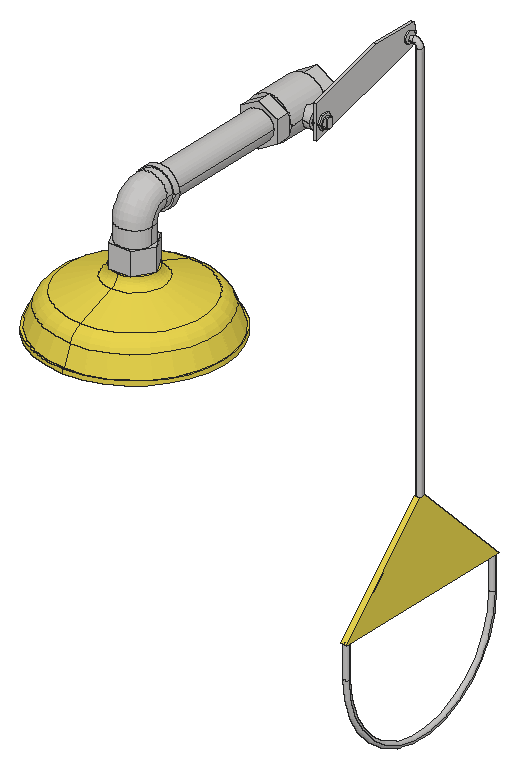
Revit family "Sanitary_Other_Encon-Safety_Horizontal-Showers-20-gpm-1.0-in-supply-ABS-Hi-Viz-Shower-head", category Plumbing Fixtures, Revit 2019
Family settings
  Round Connector Dimension = Use Diameter
  Part Type = Normal
  OmniClass Number = 23.45.05.14.24
  OmniClass Title = Eye Wash Fountains
  Work Plane-Based = No
  Always vertical = Yes
  Cut with Voids When Loaded = No
  Shared = No
  Room Calculation Point = No
Parameters (values of type "01052522")
  Width = 15.155"
  Waste Connection = 1 = 1  # yes
  WFU = 0
  Vent Connection = no
  URL = "https://enconsafety.com/"
  Supply Diameter = 1"
  Product data url = "https://www.bimobject.com/encon/product/Horizontal_showers_20_gpm_1_0_in__supply_ABS_Hi-Viz_shower_head"
  Product Guid = "13e18e50-cab1-4dbc-8df9-04fb3ec38804"
  Model = "01052522"
  Piping Material = Encon Safety Products - Metal - Steel Galvanized
  Manufacturer = "Encon Safety Products"  # constant formula
  Keynote = "15410"
  Height = 43 5/8"
  Heads Material = Encon Safety Products - Plastic - Acetal - Yellow
  HWFU = 0
  HW Connection = no
  Flow = 20 GPM
  Edition number = 1  # constant formula
  Description = "Horizontal showers 20 gpm 1.0 in. supply ABS Hi-Viz shower head"
  Depth = 0"
  CWFU = 0
  CW Connection = 1 = 1  # yes
  Assembly Code = "D2010600"
Reference planes (in)
  plane 1 "Center (Front/Back)": y = 0
  plane 2: z = 0
  plane 3 "Center (Left/Right)": x = 0
  plane 4: z = 6.5
  plane 5: z = 37.90625
  plane 6: z = 39.6563
  plane 7: z = 43.625
  plane 8 "1": z = 0.45439
Forms (in)
  Revolve 1, solid, material "Encon Safety Products - Plastic - Acetal - Yellow" <- "Heads Material"
    sketch origin (0, 0, 0) x (0, 1, 0) y (0, 0, 1)
      loop
        line (4.17276, 0) -> (4.17276, 0.1875) -> (4.08965, 0.1875) -> (3.73932, 1.05458)
        arc (3.73932, 1.05458) -> (3.5068, 1.39931) -> (3.15416, 1.61966) r 1
        line (3.15416, 1.61966) -> (1.33889, 2.28037)
        arc (1.33889, 2.28037) -> (1.09604, 2.46222) -> (1, 2.75) r 0.50843
        line (1, 2.75) -> (0, 2.75) -> (0, 2.63504) -> (0.87644, 2.63504)
        arc (0.87644, 2.63504) -> (1.0427, 2.3399) -> (1.32507, 2.15276) r 0.72369
        line (1.32507, 2.15276) -> (3.1402, 1.4921)
        arc (3.1402, 1.4921) -> (3.45368, 1.29622) -> (3.66039, 0.98977) r 0.88895
        line (3.66039, 0.98977) -> (3.98452, 0.1875) -> (3.98452, 0) -> (4.17276, 0)
      axis (0, 2.75) -> (0, 0)
    angle from 0 to 360
  Extrusion 2, solid, material "Encon Safety Products - Metal - Steel Galvanized" <- "Piping Material"
    sketch origin (0, 0, 0) x (1, 0, 0) y (0, 1, 0)
      loop
        line (0.5, 0.86603) -> (-0.5, 0.86603) -> (-1, 0) -> (-0.5, -0.86603) -> (0.5, -0.86603) -> (1, 0) -> (0.5, 0.86603)
    from 2.75058 to 3.8125
  Sweep 3, solid, material "Encon Safety Products - Metal - Steel Galvanized" <- "Piping Material"
    path origin (0, 0, 0) x (0, 1, 0) y (0, 0, 1)
      loop
        line (0, 3.8125) -> (0, 4.57594)
        arc (0, 4.57594) -> (0.24602, 5.16987) -> (0.83995, 5.41589) r 0.83995
        line (0.83995, 5.41589) -> (1.18186, 5.41589)
    profile origin (0, 0, 3.8125) x (0, -1, 0) y (1, 0, 0)
      loop
        circle (0, 0) r 0.81296
  Extrusion 4, solid, material "Encon Safety Products - Metal - Steel Galvanized" <- "Piping Material"
    sketch origin (0, 0, 0) x (1, 0, 0) y (0, 0, 1)
      loop
        circle (0, 5.37376) r 0.89371
    from -1.48392 to -1.18186
  Extrusion 5, solid, material "Encon Safety Products - Metal - Steel Galvanized" <- "Piping Material"
    sketch origin (0, 0, 0) x (1, 0, 0) y (0, 0, 1)
      loop
        circle (0, 5.375) r 0.66673
    from -1.48392 to -7.24
  Extrusion 6, solid, material "Encon Safety Products - Metal - Steel Galvanized" <- "Piping Material"
    sketch origin (0, 0, 0) x (1, 0, 0) y (0, 0, 1)
      loop
        line (0.86603, 5.875) -> (0, 6.375) -> (-0.86603, 5.875) -> (-0.86603, 4.875) -> (0, 4.375) -> (0.86603, 4.875) -> (0.86603, 5.875)
    from -7.865 to -7.24
  Extrusion 7, solid, material "Encon Safety Products - Metal - Steel Galvanized" <- "Piping Material"
    sketch origin (0, 0, 0) x (1, 0, 0) y (0, 0, 1)
      loop
        circle (0, 5.375) r 1
    from -9.86 to -7.865
  Extrusion 8, solid, material "Encon Safety Products - Metal - Steel Galvanized" <- "Piping Material"
    sketch origin (0, 0, 0) x (1, 0, 0) y (0, 0, 1)
      loop
        line (0.86603, 5.875) -> (0, 6.375) -> (-0.86603, 5.875) -> (-0.86603, 4.875) -> (0, 4.375) -> (0.86603, 4.875) -> (0.86603, 5.875)
    from -10.61 to -9.86
  Extrusion 9, solid, material "Encon Safety Products - Metal - Steel Galvanized" <- "Piping Material"
    sketch origin (0, 0, 0) x (0, 1, 0) y (0, 0, 1)
      loop
        line (12.07392, 7.18932) -> (8.55, 6.24509) -> (8.55, 4.69218) -> (14.09214, 6.17719) -> (14.35731, 6.63647) -> (14.20917, 7.18932) -> (12.07392, 7.18932)
    from 1.4925 to 1.6175
  Extrusion 10, solid, material "Encon Safety Products - Metal - Steel Galvanized" <- "Piping Material", detail levels fine
    sketch origin (0, 0, 0) x (0, 1, 0) y (0, 0, 1)
      loop
        arc (9.0606, 5.54725) -> (8.93602, 5.59618) -> (8.81055, 5.54961) r 0.18755
        line (8.81055, 5.54961) -> (8.81055, 5.20288)
        arc (8.81055, 5.20288) -> (8.93557, 5.15508) -> (9.0606, 5.20288) r 0.18741
        line (9.0606, 5.20288) -> (9.0606, 5.54725)
    from 1.82696 to 1.9445
  Sweep 11, solid, material "Encon Safety Products - Metal - Steel Galvanized" <- "Piping Material"
    path origin (0, 0, 0) x (1, 0, 0) y (0, 0, 1)
      loop
        line (1.23565, 6.7039) -> (1.93646, 6.7039)
        arc (1.93646, 6.7039) -> (2.11324, 6.63068) -> (2.18646, 6.4539) r 0.25
        line (2.18646, 6.4539) -> (2.18646, -12.23667)
    profile origin (1.23565, 0, 6.7039) x (0, 0, 1) y (0, -1, 0)
      loop
        arc (-0.04651, -14.00297) -> (0.1118, -13.87796) -> (-0.0465, -13.75293) r 0.12852
        arc (-0.0465, -13.75293) -> (-0.14524, -13.87795) -> (-0.04651, -14.00297) r 0.12852
  Extrusion 12, solid, material "Encon Safety Products - Plastic - ABS - Yellow"
    sketch origin (0, 0, 0) x (0, 1, 0) y (0, 0, 1)
      loop
        line (14.01247, -12.23667) -> (13.74342, -12.23667) -> (9.45505, -16.52503) -> (18.30084, -16.52503) -> (14.01247, -12.23667)
    from 2.03169 to 2.28829
  Sweep 13, solid, material "Encon Safety Products - Metal - Steel Galvanized" <- "Piping Material"
    path origin (2.15981, 0.0258, 0.02469) x (0, 1, 0) y (0, 0, 1)
      loop
        line (18.10684, -16.54972) -> (18.10684, -18.06839)
        arc (18.10684, -18.06839) -> (13.85684, -22.31839) -> (9.60684, -18.06839) r 4.25
        line (9.60684, -18.06839) -> (9.60684, -16.51913)
    profile origin (2.15981, 18.13264, -17.28436) x (1, 0, 0) y (0, 1, 0)
      loop
        circle (0, 0) r 0.12781
  Extrusion 14, solid, material "Encon Safety Products - Metal - Steel Galvanized" <- "Piping Material"
    sketch origin (0, 0, 0) x (0, 1, 0) y (0, 0, 1)
      loop
        circle (8.94206, 5.35255) r 0.44604
    from 0.86603 to 1.3675
  Extrusion 15, solid, material "Encon Safety Products - Metal - Steel Galvanized" <- "Piping Material"
    sketch origin (0, 0, 0) x (0, 1, 0) y (0, 0, 1)
      loop
        line (9.1275, 5.70842) -> (8.7425, 5.70842) -> (8.55, 5.375) -> (8.7425, 5.04158) -> (9.1275, 5.04158) -> (9.32, 5.375) -> (9.1275, 5.70842)
    from 1.3675 to 1.4925
  Extrusion 16, solid, material "Encon Safety Products - Metal - Steel Galvanized" <- "Piping Material"
    sketch origin (0, 0, 0) x (0, 1, 0) y (0, 0, 1)
      loop
        line (9.11542, 5.6875) -> (8.75458, 5.6875) -> (8.57416, 5.375) -> (8.75458, 5.0625) -> (9.11542, 5.0625) -> (9.29584, 5.375) -> (9.11542, 5.6875)
    from 1.6175 to 1.7375
  Extrusion 17, solid, material "Encon Safety Products - Metal - Steel Galvanized" <- "Piping Material", detail levels fine
    sketch origin (0, 0, 0) x (0, 1, 0) y (0, 0, 1)
      loop
        circle (8.9379, 5.37152) r 0.25896
    from 1.7375 to 1.82696
  Extrusion 18, solid, material "Encon Safety Products - Metal - Steel Galvanized" <- "Piping Material"
    sketch origin (0, 0, 0) x (0, 1, 0) y (0, 0, 1)
      loop
        circle (13.87703, 6.70649) r 0.25
    from 1.6175 to 1.7375
Cuts and joins
  joined: Extrusion 7, Extrusion 14
Lines and regions (in)
  Masking region 1, detail levels fine
    outline origin (0, 0, 0) x (1, 0, 0) y (0, 1, 0)
      loop
        line (-0.66673, 1.48392) -> (0.67222, 1.48392) -> (0.67222, 7.24) -> (-0.66673, 7.24) -> (-0.66673, 1.48392)
  Masking region 2, detail levels fine
    outline origin (0, 0, 0) x (1, 0, 0) y (0, 1, 0)
      loop
        arc (-0.66673, 4.11915) -> (-4.15933, -0.33444) -> (0, -4.17276) r 4.17276
        arc (0, -4.17276) -> (4.15911, -0.33721) -> (0.67222, 4.11825) r 4.17276
        line (0.67222, 4.11825) -> (0.67222, 1.48392) -> (-0.66673, 1.48392) -> (-0.66673, 4.11915)
  Masking region 3
    outline origin (0, 0, 0) x (1, 0, 0) y (0, 1, 0)
      loop
        line (0.82297, 0) -> (0.82297, 1.18186) -> (-0.80639, 1.18186) -> (-0.80639, 0)
        arc (-0.80639, 0) -> (0.00829, -0.81468) -> (0.82297, 0) r 0.81468
  Masking region 4, detail levels fine
    outline origin (0, 0, 0) x (1, 0, 0) y (0, 1, 0)
      loop
        line (-0.89371, 1.48392) -> (-0.89371, 1.18186) -> (0.89371, 1.18186) -> (0.89371, 1.48392) -> (-0.89371, 1.48392)
  Masking region 5, detail levels fine
    outline origin (0, 0, 0) x (1, 0, 0) y (0, 1, 0)
      loop
        line (-0.80639, 0.59139) -> (-0.80639, 0)
        arc (-0.80639, 0) -> (0.00829, -0.81468) -> (0.82297, 0) r 0.81468
        line (0.82297, 0) -> (0.82297, 0.56808)
        arc (0.82297, 0.56808) -> (-0.01454, -1.01633) -> (-0.80639, 0.59139) r 1.00606
  Masking region 6, detail levels fine
    outline origin (0, 0, 0) x (1, 0, 0) y (0, 1, 0)
      loop
        line (0.86603, 7.24) -> (0.86603, 7.865) -> (-0.86603, 7.865) -> (-0.86603, 7.24) -> (0.86603, 7.24)
      loop
        line (-0.86603, 10.61) -> (-0.86603, 9.86) -> (0.86603, 9.86) -> (0.86603, 10.61) -> (-0.86603, 10.61)
      loop
        line (1.6175, 8.07596) -> (1.6175, 14.35731) -> (1.4925, 14.35731) -> (1.4925, 8.07596) -> (1.6175, 8.07596)
  Masking region 7, detail levels fine
    outline origin (0, 0, 0) x (1, 0, 0) y (0, 1, 0)
      loop
        line (0.9999, 9.86) -> (-1.00278, 9.86) -> (-1.00278, 7.865) -> (0.99897, 7.865) -> (0.99897, 8.50689)
        arc (0.99897, 8.50689) -> (0.90705, 8.94396) -> (0.9999, 9.38083) r 1.07955
        line (0.9999, 9.38083) -> (0.9999, 9.86)
  Masking region 8, detail levels fine
    outline origin (0, 0, 0) x (1, 0, 0) y (0, 1, 0)
      loop
        line (0.99656, 8.49857) -> (1.3675, 8.49857) -> (1.3675, 9.3861) -> (1.00079, 9.3861)
        arc (1.00079, 9.3861) -> (0.90704, 8.94277) -> (0.99656, 8.49857) r 1.12039
  Masking region 9, detail levels fine
    outline origin (0, 0, 0) x (1, 0, 0) y (0, 1, 0)
      loop
        line (1.3675, 9.32) -> (1.3675, 8.55) -> (1.4925, 8.55) -> (1.4925, 9.32) -> (1.3675, 9.32)
      loop
        line (1.7375, 8.57416) -> (1.7375, 9.29584) -> (1.6175, 9.29584) -> (1.6175, 8.57416) -> (1.7375, 8.57416)
  Masking region 10, detail levels fine
    outline origin (0, 0, 0) x (1, 0, 0) y (0, 1, 0)
      loop
        line (1.82696, 8.67894) -> (1.82696, 9.19686) -> (1.7375, 9.19686) -> (1.7375, 8.67894) -> (1.82696, 8.67894)
  Masking region 11, detail levels fine
    outline origin (0, 0, 0) x (1, 0, 0) y (0, 1, 0)
      loop
        line (1.9445, 9.0606) -> (1.82696, 9.0606) -> (1.82696, 8.81055) -> (1.9445, 8.81055) -> (1.9445, 9.0606)
  Masking region 12, detail levels fine
    outline origin (0, 0, 0) x (1, 0, 0) y (0, 1, 0)
      loop
        line (1.23565, 14.00647) -> (1.23565, 13.7495) -> (1.4925, 13.7495) -> (1.4925, 14.00647) -> (1.23565, 14.00647)
      loop
        line (1.7375, 14.12726) -> (1.6175, 14.12726) -> (1.6175, 13.59363) -> (1.7375, 13.59363) -> (1.7375, 14.12726)
  Masking region 13, detail levels fine
    outline origin (0, 0, 0) x (1, 0, 0) y (0, 1, 0)
      loop
        arc (2.16083, 13.74943) -> (2.28935, 13.87795) -> (2.16083, 14.00647) r 0.12852
        line (2.16083, 14.00647) -> (1.7375, 14.00647) -> (1.7375, 13.74943) -> (2.16083, 13.74943)
  Masking region 14, detail levels fine
    outline origin (0, 0, 0) x (1, 0, 0) y (0, 1, 0)
      loop
        line (2.03169, 18.30084) -> (2.03169, 14.00647) -> (2.16089, 14.00647)
        arc (2.16089, 14.00647) -> (2.28941, 13.87795) -> (2.16089, 13.74943) r 0.12852
        line (2.16089, 13.74943) -> (2.03169, 13.74943) -> (2.03169, 9.45505) -> (2.29422, 9.45505) -> (2.29422, 18.30084) -> (2.03169, 18.30084)
  Masking region 15, detail levels coarse+medium
    outline origin (0, 0, 0) x (1, 0, 0) y (0, 1, 0)
      loop
        line (-0.86603, 10.61) -> (-0.86603, 7.24) -> (0.86436, 7.24) -> (0.86436, 10.61) -> (-0.86603, 10.61)
  Masking region 16, detail levels coarse+medium
    outline origin (0, 0, 0) x (1, 0, 0) y (0, 1, 0)
      loop
        line (1.4925, 14.31819) -> (1.4925, 8.07596) -> (1.6175, 8.07596) -> (1.6175, 14.31819) -> (1.4925, 14.31819)
  Masking region 17, detail levels coarse+medium
    outline origin (0, 0, 0) x (1, 0, 0) y (0, 1, 0)
      loop
        line (0.86436, 9.38179) -> (0.86436, 8.48468) -> (1.4925, 8.48468) -> (1.4925, 9.38179) -> (0.86436, 9.38179)
  Masking region 18, detail levels fine
    outline origin (0, 0, 0) x (1, 0, 0) y (0, 1, 0)
      loop
        line (-0.80639, 0.34333) -> (-0.99755, 0.00401) -> (-0.4963, -0.86418) -> (0.49645, -0.86418) -> (0.99645, 0.00184) -> (0.82297, 0.30231) -> (0.82297, 0.56808)
        arc (0.82297, 0.56808) -> (-0.01454, -1.01633) -> (-0.80639, 0.59139) r 1.00606
        line (-0.80639, 0.59139) -> (-0.80639, 0.34333)
  Masking region 19, detail levels coarse+medium
    outline origin (0, 0, 0) x (1, 0, 0) y (0, 1, 0)
      loop
        line (-0.66673, 7.24) -> (-0.66673, 1.18186) -> (0.67478, 1.18186) -> (0.67478, 7.24) -> (-0.66673, 7.24)
  Masking region 20, detail levels coarse+medium
    outline origin (0, 0, 0) x (1, 0, 0) y (0, 1, 0)
      loop
        line (-0.66673, 1.18186) -> (-0.66673, 4.11915)
        arc (-0.66673, 4.11915) -> (-4.15933, -0.33444) -> (0, -4.17276) r 4.17276
        arc (0, -4.17276) -> (4.15911, -0.33721) -> (0.67222, 4.11825) r 4.17276
        line (0.67222, 4.11825) -> (0.67222, 1.18186) -> (-0.66673, 1.18186)
Dimensions and locks (in)
  plane 4 to plane 2 = 6 1/2"
  plane 5 to plane 2 = 37 29/32"
  plane 7 to plane 2 = 43 5/8"
  locked: plane 8 "1" to level at 0.45439
  aligned and locked: plane 2 to level
Connectors (in)
  piping at (0, 10.61, 5.375), diameter 1, driven by "Supply Diameter", driven by "CWFU"
    settings: on Extrusion 8, index 1, connector inside diameter 24", connector length 0", flow factor 0, pipe flow 0 GPM, pressure drop 0.00 psi, fitting loss kfactor 0, connector angle 0.00°, fixture units 0, engagement length 0", angle of deflection 0.00°, flow configuration 3, flow direction 1, fitting loss method 0, system type 16, joint type 0, gender type 0, connector reference index -1, connector utility 0, adjustable connector no, is connector primary yes, connector description "1 NPT THREADED"
